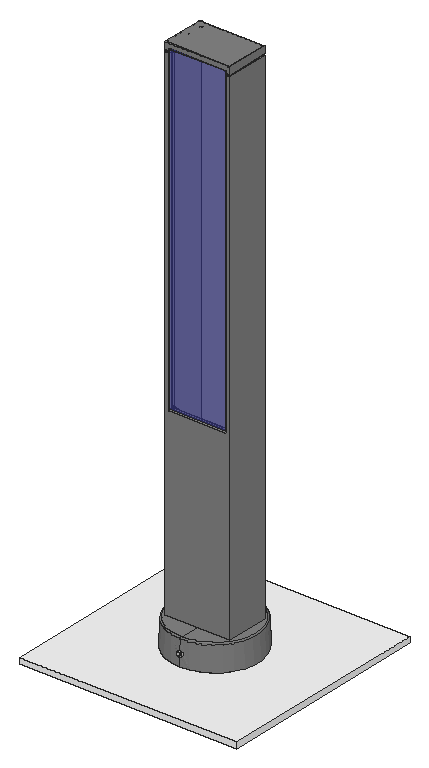
Revit family "BE_99326_de_DE", category Leuchten, Revit 2020 (continued)
Types (4, lengths in mm): name | built-in parameter 1150104 | built-in parameter 1150134 | Modell | M_G | M_A | built-in parameter 1150105 | Lumens | Leuchtenlichtstrom | Lampenlichtstrom | LED_Modulbezeichnung | built-in parameter 1150142 | Farbtemperatur | Datei für fotometrisches Netz | Bestellnummer | built-in parameter 1150106 | built-in parameter 1150107
       0.0       0.0\r\n       0.0       0.0       0.0       0.0       0.0       0.0       0.0       0.0\r\n       0.0       0.0       0.0       0.0       0.0       0.0       0.0       0.0\r\n       0.0       0.0       0.0       0.0       0.0       0.0       0.0       0.0\r\n       0.0       0.1       0.1       0.1       0.1       0.1       0.0       0.0\r\n       0.0\r\n       0.0       0.0       0.0       0.0       0.0       0.0       0.0       0.0\r\n       0.0       0.0       0.0       0.0       0.0       0.0       0.0       0.0\r\n       0.0       0.0       0.0       0.0       0.0       0.0       0.0       0.0\r\n       0.0       0.0       0.0       0.0       0.0       0.0       0.0       0.0\r\n       0.0       0.0       0.0       0.0       0.0       0.0       0.0       0.0\r\n       0.0       0.0       0.0       0.0       0.0       0.0       0.0       0.0\r\n       0.0       0.0       0.0       0.0       0.0       0.0       0.0       0.0\r\n       0.0       0.0       0.0       0.0       0.0       0.0       0.0       0.0\r\n       0.0       0.0       0.0       0.0       0.0       0.0       0.0       0.0\r\n       0.0\r\n       0.0       0.0       0.0       0.0       0.0       0.0       0.0       0.0\r\n       0.0       0.0       0.0       0.0       0.0       0.0       0.0       0.0\r\n       0.0       0.0       0.0       0.0       0.0       0.0       0.0       0.0\r\n       0.0       0.0       0.0       0.0       0.0       0.0       0.0       0.0\r\n       0.0       0.0       0.0       0.0       0.0       0.0       0.0       0.0\r\n       0.0       0.0       0.0       0.0       0.0       0.0       0.0       0.0\r\n       0.0       0.0       0.0       0.0       0.0       0.0       0.0       0.0\r\n       0.0       0.0       0.0       0.0       0.0       0.0       0.0       0.0\r\n       0.0       0.0       0.0       0.0       0.0       0.0       0.0       0.0\r\n       0.0\r\n       0.0       0.0       0.0       0.0       0.0       0.0       0.0       0.0\r\n       0.0       0.0       0.0       0.0       0.0       0.0       0.0       0.0\r\n       0.0       0.0       0.0       0.0       0.0       0.0       0.0       0.0\r\n       0.0       0.0       0.0       0.0       0.0       0.0       0.0       0.0\r\n       0.0       0.0       0.0       0.0       0.0       0.0       0.0       0.0\r\n       0.0       0.0       0.0       0.0       0.0       0.0       0.0       0.0\r\n       0.0       0.0       0.0       0.0       0.0       0.0       0.0       0.0\r\n       0.0       0.0       0.0       0.0       0.0       0.0       0.0       0.0\r\n       0.0       0.0       0.0       0.0       0.0       0.0       0.0       0.0\r\n       0.0\r\n       0.0       0.0       0.0       0.0       0.0       0.0       0.0       0.0\r\n       0.0       0.0       0.0       0.0       0.0       0.0       0.0       0.0\r\n       0.0       0.0       0.0       0.0       0.0       0.0       0.0       0.0\r\n       0.0       0.0       0.0       0.0       0.0       0.0       0.0       0.0\r\n       0.0       0.0       0.0       0.0       0.0       0.0       0.0       0.0\r\n       0.0       0.0       0.0       0.0       0.0       0.0       0.0       0.0\r\n       0.0       0.0       0.0       0.0       0.0       0.0       0.0       0.0\r\n       0.0       0.0       0.0       0.0       0.0       0.0       0.0       0.0\r\n       0.0       0.0       0.0       0.0       0.0       0.0       0.0       0.0\r\n       0.0\r\n       0.0       0.0       0.0       0.0       0.0       0.0       0.0       0.0\r\n       0.0       0.0       0.0       0.0       0.0       0.0       0.0       0.0\r\n       0.0       0.0       0.0       0.0       0.0       0.0       0.0       0.0\r\n       0.0       0.0       0.0       0.0       0.0       0.0       0.0       0.0\r\n       0.0       0.0       0.0       0.0       0.0       0.0       0.0       0.0\r\n       0.0       0.0       0.0       0.0       0.0       0.0       0.0       0.0\r\n       0.0       0.0       0.0       0.0       0.0       0.0       0.0       0.0\r\n       0.0       0.0       0.0       0.0       0.0       0.0       0.0       0.0\r\n       0.0       0.0       0.0       0.0       0.0       0.0       0.0       0.0\r\n       0.0\r\n       0.0       0.0       0.0       0.0       0.0       0.0       0.0       0.0\r\n       0.0       0.0       0.0       0.0       0.0       0.0       0.0       0.0\r\n       0.0       0.0       0.0       0.0       0.0       0.0       0.0       0.0\r\n       0.0       0.0       0.0       0.0       0.0       0.0       0.0       0.0\r\n       0.0       0.0       0.0       0.0       0.0       0.0       0.0       0.0\r\n       0.0       0.0       0.0       0.0       0.0       0.0       0.0       0.0\r\n       0.0       0.0       0.0       0.0       0.0       0.0       0.0       0.0\r\n       0.0       0.0       0.0       0.0       0.0       0.0       0.0       0.0\r\n       0.0       0.0       0.0       0.0       0.0       0.0       0.0       0.0\r\n       0.0\r\n       0.0       0.0       0.0       0.0       0.0       0.0       0.0       0.0\r\n       0.0       0.0       0.0       0.0       0.0       0.0       0.0       0.0\r\n       0.0       0.0       0.0       0.0       0.0       0.0       0.0       0.0\r\n       0.0       0.0       0.0       0.0       0.0       0.0       0.0       0.0\r\n       0.0       0.0       0.0       0.0       0.0       0.0       0.0       0.0\r\n       0.0       0.0       0.0       0.0       0.0       0.0       0.0       0.0\r\n       0.0       0.0       0.0       0.0       0.0       0.0       0.0       0.0\r\n       0.0       0.0       0.0       0.0       0.0       0.0       0.0       0.0\r\n       0.0       0.0       0.0       0.0       0.0       0.0       0.0       0.0\r\n       0.0\r\n       0.0       0.0       0.0       0.0       0.0       0.0       0.0       0.0\r\n       0.0       0.0       0.0       0.0       0.0       0.0       0.0       0.0\r\n       0.0       0.0       0.0       0.0       0.0       0.0       0.0       0.0\r\n       0.0       0.0       0.0       0.0       0.0       0.0       0.0       0.0\r\n       0.0       0.0       0.0       0.0       0.0       0.0       0.0       0.0\r\n       0.0       0.0       0.0       0.0       0.0       0.0       0.0       0.0\r\n       0.0       0.0       0.0       0.0       0.0       0.0       0.0       0.0\r\n       0.0       0.0       0.0       0.0       0.0       0.0       0.0       0.0\r\n       0.0       0.0       0.0       0.0       0.0       0.0       0.0       0.0\r\n       0.0\r\n       0.0       0.0       0.0       0.0       0.0       0.0       0.0       0.0\r\n       0.0       0.0       0.0       0.0       0.0       0.0       0.0       0.0\r\n       0.0       0.0       0.0       0.0       0.0       0.0       0.0       0.0\r\n       0.0       0.0       0.0       0.0       0.0       0.0       0.0       0.0\r\n       0.0       0.0       0.0       0.0       0.0       0.0       0.0       0.0\r\n       0.0       0.0       0.0       0.0       0.0       0.0       0.0       0.0\r\n       0.0       0.0       0.0       0.0       0.0       0.0       0.0       0.0\r\n       0.0       0.0       0.0       0.0       0.0       0.0       0.0       0.0\r\n       0.0       0.0       0.0       0.0       0.0       0.0       0.0       0.0\r\n       0.0\r\n       0.0       0.0       0.0       0.0       0.0       0.0       0.0       0.0\r\n       0.0       0.0       0.0       0.0       0.0       0.0       0.0       0.0\r\n       0.0       0.0       0.0       0.0       0.0       0.0       0.0       0.0\r\n       0.0       0.0       0.0       0.0       0.0       0.0       0.0       0.0\r\n       0.0       0.0       0.0       0.0       0.0       0.0       0.0       0.0\r\n       0.0       0.0       0.0       0.0       0.0       0.0       0.0       0.0\r\n       0.0       0.0       0.0       0.0       0.0       0.0       0.0       0.0\r\n       0.0       0.0       0.0       0.0       0.0       0.0       0.0       0.0\r\n       0.0       0.0       0.0       0.0       0.0       0.0       0.0       0.0\r\n       0.0\r\n       0.0       0.0       0.0       0.0       0.0       0.0       0.0       0.0\r\n       0.0       0.0       0.0       0.0       0.0       0.0       0.0       0.0\r\n       0.0       0.0       0.0       0.0       0.0       0.0       0.0       0.0\r\n       0.0       0.0       0.0       0.0       0.0       0.0       0.0       0.0\r\n       0.0       0.0       0.0       0.0       0.0       0.0       0.0       0.0\r\n       0.0       0.0       0.0       0.0       0.0       0.0       0.0       0.0\r\n       0.0       0.0       0.0       0.0       0.0       0.0       0.0       0.0\r\n       0.0       0.0       0.0       0.0       0.0       0.0       0.0       0.0\r\n       0.0       0.0       0.0       0.0       0.0       0.0       0.0       0.0\r\n       0.0\r\n       0.0       0.0       0.0       0.0       0.0       0.0       0.0       0.0\r\n       0.0       0.0       0.0       0.0       0.0       0.0       0.0       0.0\r\n       0.0       0.0       0.0       0.0       0.0       0.0       0.0       0.0\r\n       0.0       0.0       0.0       0.0       0.0       0.0       0.0       0.0\r\n       0.0       0.0       0.0       0.0       0.0       0.0       0.0       0.0\r\n       0.0       0.0       0.0       0.0       0.0       0.0       0.0       0.0\r\n       0.0       0.0       0.0       0.0       0.0       0.0       0.0       0.0\r\n       0.0       0.0       0.0       0.0       0.0       0.0       0.0       0.0\r\n       0.0       0.0       0.0       0.0       0.0       0.0       0.0       0.0\r\n       0.0\r\n       0.0       0.0       0.0       0.0       0.0       0.0       0.0       0.0\r\n       0.0       0.0       0.0       0.0       0.0       0.0       0.0       0.0\r\n       0.0       0.0       0.0       0.0       0.0       0.0       0.0       0.0\r\n       0.0       0.0       0.0       0.0       0.0       0.0       0.0       0.0\r\n       0.0       0.0       0.0       0.0       0.0       0.0       0.0       0.0\r\n       0.0       0.0       0.0       0.0       0.0       0.0       0.0       0.0\r\n       0.0       0.0       0.0       0.0       0.0       0.0       0.0       0.0\r\n       0.0       0.0       0.0       0.0       0.0       0.0       0.0       0.0\r\n       0.0       0.0       0.0       0.0       0.0       0.0       0.0       0.0\r\n       0.0\r\n       0.0       0.0       0.0       0.0       0.0       0.0       0.0       0.0\r\n       0.0       0.0       0.0       0.0       0.0       0.0       0.0       0.0\r\n       0.0       0.0       0.0       0.0       0.0       0.0       0.0       0.0\r\n       0.0       0.0       0.0       0.0       0.0       0.0       0.0       0.0\r\n       0.0       0.0       0.0       0.0       0.0       0.0       0.0       0.0\r\n       0.0       0.0       0.0       0.0       0.0       0.0       0.0       0.0\r\n       0.0       0.0       0.0       0.0       0.0       0.0       0.0       0.0\r\n       0.0       0.0       0.0       0.0       0.0       0.0       0.0       0.0\r\n       0.0       0.0       0.0       0.0       0.0       0.0       0.0       0.0\r\n       0.0\r\n       0.0       0.0       0.0       0.0       0.0       0.0       0.0       0.0\r\n       0.0       0.0       0.0       0.0       0.0       0.0       0.0       0.0\r\n       0.0       0.0       0.0       0.0       0.0       0.0       0.0       0.0\r\n       0.0       0.0       0.0       0.0       0.0       0.0       0.0       0.0\r\n       0.0       0.0       0.0       0.0       0.0       0.0       0.0       0.0\r\n       0.0       0.0       0.0       0.0       0.0       0.0       0.0       0.0\r\n       0.0       0.0       0.0       0.0       0.0       0.0       0.0       0.0\r\n       0.0       0.0       0.0       0.0       0.0       0.0       0.0       0.0\r\n       0.0       0.0       0.0       0.0       0.0       0.0       0.0       0.0\r\n       0.0\r\n       0.0       0.0       0.0       0.0       0.0       0.0       0.0       0.0\r\n       0.0       0.0       0.0       0.0       0.0       0.0       0.0       0.0\r\n       0.0       0.0       0.0       0.0       0.0       0.0       0.0       0.0\r\n       0.0       0.0       0.0       0.0       0.0       0.0       0.0       0.0\r\n       0.0       0.0       0.0       0.0       0.0       0.0       0.0       0.0\r\n       0.0       0.0       0.0       0.0       0.0       0.0       0.0       0.0\r\n       0.0       0.0       0.0       0.0       0.0       0.0       0.0       0.0\r\n       0.0       0.0       0.0       0.0       0.0       0.0       0.0       0.0\r\n       0.0       0.0       0.0       0.0       0.0       0.0       0.0       0.0\r\n       0.0\r\n       0.0       0.0       0.0       0.0       0.0       0.0       0.0       0.0\r\n       0.0       0.0       0.0       0.0       0.0       0.0       0.0       0.0\r\n       0.0       0.0       0.0       0.0       0.0       0.0       0.0       0.0\r\n       0.0       0.0       0.0       0.0       0.0       0.0       0.0       0.0\r\n       0.0       0.0       0.0       0.0       0.0       0.0       0.0       0.0\r\n       0.0       0.0       0.0       0.0       0.0       0.0       0.0       0.0\r\n       0.0       0.0       0.0       0.0       0.0       0.0       0.0       0.0\r\n       0.0       0.0       0.0       0.0       0.0       0.0       0.0       0.0\r\n       0.0       0.0       0.0       0.0       0.0       0.0       0.0       0.0\r\n       0.0\r\n" | "3000 K" | "BE_99326K3.IES" | "99326AK3" | 7.0472 (stored number, unit not read) | 3000 (stored number, unit not read)
